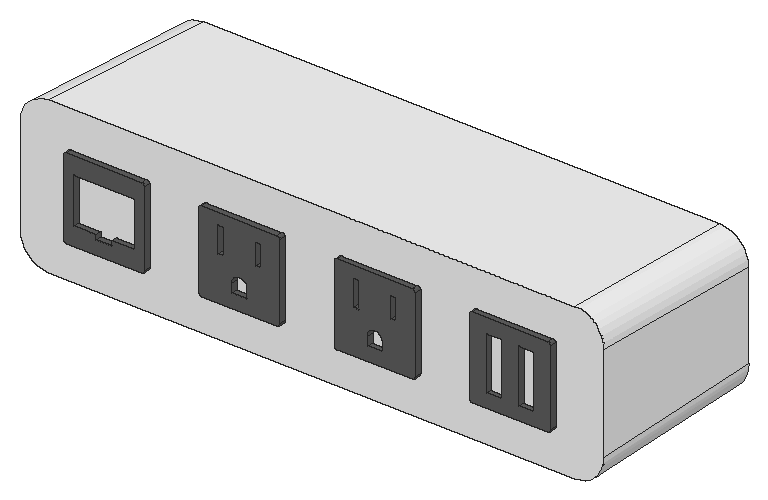
Revit family "Electrical-Teknion-JNEPC_Power_Cube-R2015", category Electrical Fixtures, host Face, Revit 2015
Parameters (values of type "Quad - 2 Power/ 2 USB/1 Data")
  Worksurface Thickness [instance] = 0' - 1 3/16"
  Width [instance] = if([Has Quad - 2 Power/2 USB/1 Data], 0' 7 9/16", 0' 5")  # 0' - 7 9/16"
  Warranty = "http://www.teknion.com/ca/papers/legal-canada"
  Voltage = 120 V
  Unit Weight URL = "http://www.teknion.com/ca/tools/assets#&asset=bee6a381-b954-425e-8283-5a2de3a804f2,f828d448-4b62-4231-9e5f-9a8991c0ed77"
  URL = "www.teknion.com"
  Sustainability Data = "http://www.teknion.com/ca/tools/assets#&topic=216f99a5-57a0-44fc-b10a-9dee9b29ae4c&asset=444deb64-fe58-4b68-981e-f75e97781df7"
  Series = "Expansion Cityline"  # constant formula
  Right Power/USB Charger [instance] = if(or([Has Quad - 2 Power/2 USB/1 Data], Has Power & USB Charger slot), 0' 0 27/32", 0' 0 9/16")  # 0' - 0 27/32"
  Right Power Hole Depth [instance] = if(Has Power & Power slot, 0' 0 27/32", 0' 0 9/16")  # 0' - 0 9/16"
  Right Power Hole - Quad Depth [instance] = if([Has Quad - 2 Power/2 USB/1 Data], 0' 2", 0' 0 9/16")  # 0' - 2"
  Right Offset [instance] = if([Has Quad - 2 Power/2 USB/1 Data], 0' 0 5/8", 0' 0 99/128")  # 0' - 0 5/8"
  Product Page URL = "http://www.teknion.com/ca/products/product-details?productlineid=9ad2a26e-8e7a-673b-a6c8-ff05004460c4"
  Product Line = "Expansion Cityline"  # constant formula
  Product Documentation Link = "http://www.teknion.com/pricing/expansion-cityline/pdfs/JNEPC_ppg.pdf"
  Power Cube - Case and Front Finish [instance] = Mica - Teknion - V - Satin - Very White
  Part Number = "JNEPC"  # constant formula
  Model = "JNEPC"  # constant formula
  Manufacturer Phone = "416-661-3370"  # constant formula
  Manufacturer Fax = "416.661.4586"  # constant formula
  Manufacturer Email = "http://www.teknion.com/ca/contactus"
  Manufacturer Address = "1150 Flint Road, Toronto, ON. M3J 2J5. Canada"  # constant formula
  Manufacturer = "Teknion"  # constant formula
  Left Power Hole Depth [instance] = if(or(Has Power & Power slot, Has Power & USB Charger slot, [Has Quad - 2 Power/2 USB/1 Data]), 0' 0 27/32", 0' 0 9/16")  # 0' - 0 27/32"
  Left Offset [instance] = if([Has Quad - 2 Power/2 USB/1 Data], 0' 0 45/128", 0' 0 173/256")  # 0' - 0 45/128"
  Has Quad - 2 Power/2 USB/1 Data = yes
  Has Power Cube Below Worksurface = if(Has Power Cube Above Worksurface, 1 > 2, 1 < 2)  # no
  Has Power Cube Above Worksurface = yes
  Has Power & USB Charger slot = no
  Has Power & Power slot = no
  Description = "Power Cube"  # constant formula
  Default Elevation = 4' - 0"
  Data Hole Depth [instance] = if([Has Quad - 2 Power/2 USB/1 Data], 0' 2", 0' 0 9/16")  # 0' - 2"
  Connector Descriptor = "Power Connector"  # constant formula
  Apparent Load = 0 VA
Types (3): name | Width | Right Power/USB Charger | Right Power Hole Depth | Right Power Hole - Quad Depth | Right Offset | Left Offset | Has Quad - 2 Power/2 USB/1 Data | Has Power & USB Charger slot | Has Power & Power slot | Data Hole Depth
  Dual - Power Only | 0' - 5" | 0' - 0 9/16" | 0' - 0 27/32" | 0' - 0 9/16" | 0' - 0 99/128" | 0' - 0 173/256" | no | no | yes | 0' - 0 9/16"
  Dual - 1 Power / 2 USB / 0 Data | 0' - 5" | 0' - 0 27/32" | 0' - 0 9/16" | 0' - 0 9/16" | 0' - 0 99/128" | 0' - 0 173/256" | no | yes | no | 0' - 0 9/16"
  Quad - 2 Power/ 2 USB/1 Data | 0' - 7 9/16" | 0' - 0 27/32" | 0' - 0 9/16" | 0' - 2" | 0' - 0 5/8" | 0' - 0 45/128" | yes | no | no | 0' - 2"
Reference planes (in)
  plane 1 "Center (Front/Back)": y = 0
  plane 2: z = 0
  plane 3 "Center (Left/Right)": x = 0
  plane 4 "B/O Worksurface": z = -1.1875
  plane 5: z = -4.41978
  plane 6: z = 2
  plane 7: y = -1.17126
  plane 8: y = 1.25
  plane 9: y = 2.5
  plane 10: y = -1.25
  plane 11: x = -3.78125
  plane 12: x = 3.78125
  plane 13 "Power Hole Depth (Above Worksurface)": y = -2
  plane 14: y = -0.75
  plane 15: z = -2.41978
  plane 16: z = -1.2938
  plane 17: y = 0.07874
  plane 18: x = -0.35156
  plane 19: x = 3.15625
Forms (in)
  Blend 1, solid, material "Mica - Teknion - V - Satin - Very White" <- "Power Cube - Case and Front Finish", visible <- "Has Power Cube Above Worksurface"
    base sketch origin (2.5, -1.17126, 48) x (1, 0, 0) y (0, 0, 1)
      loop
        line (1.28125, -47.62598) -> (1.28125, -46.37363)
        arc (1.28125, -46.37363) -> (1.17182, -46.10943) -> (0.90762, -46) r 0.37363
        line (0.90762, -46) -> (-5.90762, -46)
        arc (-5.90762, -46) -> (-6.17182, -46.10943) -> (-6.28125, -46.37363) r 0.37363
        line (-6.28125, -46.37363) -> (-6.28125, -47.62586)
        arc (-6.28125, -47.62586) -> (-6.17167, -47.89042) -> (-5.90711, -48) r 0.37414
        line (-5.90711, -48) -> (0.90723, -48)
        arc (0.90723, -48) -> (1.1717, -47.89045) -> (1.28125, -47.62598) r 0.37402
    top sketch origin (2.43454, 1.25, 48) x (1, 0, 0) y (0, 0, 1)
      loop
        line (-5.84177, -48) -> (0.9727, -48)
        arc (0.9727, -48) -> (1.19416, -47.86842) -> (1.28125, -47.62598) r 0.38096
        line (1.28125, -47.62598) -> (1.28125, -46.50504)
        arc (1.28125, -46.50504) -> (1.1717, -46.24057) -> (0.90723, -46.13102) r 0.37402
        line (0.90723, -46.13102) -> (-5.77669, -46.13102)
        arc (-5.77669, -46.13102) -> (-6.04089, -46.24045) -> (-6.15032, -46.50465) r 0.37363
        line (-6.15032, -46.50465) -> (-6.15032, -47.62598)
        arc (-6.15032, -47.62598) -> (-6.06323, -47.86842) -> (-5.84177, -48) r 0.38096
    from 0 to 0
  Extrusion 2, solid, material "Plastic - Teknion - 52 - Ebony", visible <- "Has Power Cube Above Worksurface"
    sketch origin (2.47046, -1.17126, 48) x (1, 0, 0) y (0, 0, 1)
      loop
        line (-2.86139, -46.4748) -> (-3.83304, -46.4748)
        arc (-3.83304, -46.4748) -> (-3.86088, -46.48633) -> (-3.87241, -46.51417) r 0.03937
        line (-3.87241, -46.51417) -> (-3.87241, -47.48583)
        arc (-3.87241, -47.48583) -> (-3.86088, -47.51367) -> (-3.83304, -47.5252) r 0.03937
        line (-3.83304, -47.5252) -> (-2.86139, -47.5252)
        arc (-2.86139, -47.5252) -> (-2.83355, -47.51367) -> (-2.82202, -47.48583) r 0.03937
        line (-2.82202, -47.48583) -> (-2.82202, -46.51417)
        arc (-2.82202, -46.51417) -> (-2.83355, -46.48633) -> (-2.86139, -46.4748) r 0.03937
    from 0 to 0.07874
  Extrusion 3, solid, material "Plastic - Teknion - 52 - Ebony", visible <- "Has Power Cube Above Worksurface"
    sketch origin (2.52954, -1.17126, 48) x (1, 0, 0) y (0, 0, 1)
      loop
        line (0.58734, -46.4748) -> (-0.38432, -46.4748)
        arc (-0.38432, -46.4748) -> (-0.41216, -46.48633) -> (-0.42369, -46.51417) r 0.03937
        line (-0.42369, -46.51417) -> (-0.42369, -47.48583)
        arc (-0.42369, -47.48583) -> (-0.41216, -47.51367) -> (-0.38432, -47.5252) r 0.03937
        line (-0.38432, -47.5252) -> (0.58734, -47.5252)
        arc (0.58734, -47.5252) -> (0.61518, -47.51367) -> (0.62671, -47.48583) r 0.03937
        line (0.62671, -47.48583) -> (0.62671, -46.51417)
        arc (0.62671, -46.51417) -> (0.61518, -46.48633) -> (0.58734, -46.4748) r 0.03937
    from 0 to 0.07874
  Extrusion 4, void
    sketch origin (4.07571, -1.25, 48) x (-1, 0, 0) y (0, 0, 1)
      loop
        line (5.22849, -46.62047) -> (5.15763, -46.62047) -> (5.15763, -46.95906) -> (5.22849, -46.95906) -> (5.22849, -46.62047)
      loop
        line (4.74818, -46.65197) -> (4.67731, -46.65197) -> (4.67731, -46.92756) -> (4.74818, -46.92756) -> (4.74818, -46.65197)
      loop
        line (5.04936, -47.34409) -> (5.04936, -47.22795)
        arc (5.04936, -47.22795) -> (4.9529, -47.1315) -> (4.85645, -47.22795) r 0.09646
        line (4.85645, -47.22795) -> (4.85645, -47.34409) -> (5.04936, -47.34409)
    from -0.75 to 0.09375
  Extrusion 5, void
    sketch origin (-2.47046, -1.25, 48) x (1, 0, 0) y (0, 0, -1)
      loop
        line (5.37719, 46.62047) -> (5.37719, 46.95906) -> (5.30633, 46.95906) -> (5.30633, 46.62047) -> (5.37719, 46.62047)
      loop
        line (4.89688, 46.65197) -> (4.89688, 46.92756) -> (4.82601, 46.92756) -> (4.82601, 46.65197) -> (4.89688, 46.65197)
      loop
        line (5.19806, 47.34409) -> (5.00515, 47.34409) -> (5.00515, 47.22795)
        arc (5.00515, 47.22795) -> (5.1016, 47.1315) -> (5.19806, 47.22795) r 0.09646
        line (5.19806, 47.22795) -> (5.19806, 47.34409)
    from -0.75 to -0.1875
  Extrusion 6, void
    sketch origin (-1.4177, -2, 48) x (1, 0, 0) y (0, 0, 1)
      loop
        line (3.73909, -47.35443) -> (3.93609, -47.35443) -> (3.93609, -46.65948) -> (3.73909, -46.65948) -> (3.73909, -47.35443)
      loop
        line (4.16109, -47.35443) -> (4.35809, -47.35443) -> (4.35809, -46.65948) -> (4.16109, -46.65948) -> (4.16109, -47.35443)
    from 0 to -0.84375
  Extrusion 7, solid, material "Plastic - Teknion - 52 - Ebony", visible <- "Has Quad - 2 Power/2 USB/1 Data"
    sketch origin (4.22441, -1.17126, 47.99887) x (1, 0, 0) y (0, 0, 1)
      loop
        line (-2.86139, -46.4748) -> (-3.83304, -46.4748)
        arc (-3.83304, -46.4748) -> (-3.86088, -46.48633) -> (-3.87241, -46.51417) r 0.03937
        line (-3.87241, -46.51417) -> (-3.87241, -47.48583)
        arc (-3.87241, -47.48583) -> (-3.86088, -47.51367) -> (-3.83304, -47.5252) r 0.03937
        line (-3.83304, -47.5252) -> (-2.86139, -47.5252)
        arc (-2.86139, -47.5252) -> (-2.83355, -47.51367) -> (-2.82202, -47.48583) r 0.03937
        line (-2.82202, -47.48583) -> (-2.82202, -46.51417)
        arc (-2.82202, -46.51417) -> (-2.83355, -46.48633) -> (-2.86139, -46.4748) r 0.03937
    from 0 to 0.07874
  Extrusion 8, void
    sketch origin (5.82966, -1.25, 47.99887) x (-1, 0, 0) y (0, 0, 1)
      loop
        line (5.22849, -46.62047) -> (5.15763, -46.62047) -> (5.15763, -46.95906) -> (5.22849, -46.95906) -> (5.22849, -46.62047)
      loop
        line (4.74818, -46.65197) -> (4.67731, -46.65197) -> (4.67731, -46.92756) -> (4.74818, -46.92756) -> (4.74818, -46.65197)
      loop
        line (5.04936, -47.34409) -> (5.04936, -47.22795)
        arc (5.04936, -47.22795) -> (4.9529, -47.1315) -> (4.85645, -47.22795) r 0.09646
        line (4.85645, -47.22795) -> (4.85645, -47.34409) -> (5.04936, -47.34409)
    from -0.75 to 1.25
  Extrusion 9, solid, material "Plastic - Teknion - 52 - Ebony", visible <- "Has Quad - 2 Power/2 USB/1 Data"
    sketch origin (0.716, -1.17126, 47.99887) x (1, 0, 0) y (0, 0, 1)
      loop
        line (-2.86139, -46.4748) -> (-3.83304, -46.4748)
        arc (-3.83304, -46.4748) -> (-3.86088, -46.48633) -> (-3.87241, -46.51417) r 0.03937
        line (-3.87241, -46.51417) -> (-3.87241, -47.48583)
        arc (-3.87241, -47.48583) -> (-3.86088, -47.51367) -> (-3.83304, -47.5252) r 0.03937
        line (-3.83304, -47.5252) -> (-2.86139, -47.5252)
        arc (-2.86139, -47.5252) -> (-2.83355, -47.51367) -> (-2.82202, -47.48583) r 0.03937
        line (-2.82202, -47.48583) -> (-2.82202, -46.51417)
        arc (-2.82202, -46.51417) -> (-2.83355, -46.48633) -> (-2.86139, -46.4748) r 0.03937
    from 0 to 0.07874
  Extrusion 10, void
    sketch origin (-3.58522, -0.75, 48) x (1, 0, 0) y (0, 0, 1)
      loop
        line (0.5605, -46.69873) -> (0.5605, -47.28892) -> (0.85045, -47.28892) -> (0.85045, -47.34385) -> (1.05755, -47.34385) -> (1.05755, -47.28892) -> (1.3475, -47.28892) -> (1.3475, -46.69873) -> (0.5605, -46.69873)
    from -0.75 to 1.25
Cuts and joins
  Extrusion 4, Extrusion 8 cuts Extrusion 2
  Extrusion 5, Extrusion 6 cuts Extrusion 3
  Extrusion 10 cuts Extrusion 9
  Extrusion 8 cuts Extrusion 7
Lines and regions (in)
  symbolic lines, visible <- "Has Power Cube Below Worksurface"
    curve 1: line (-3.27534, 2.5, -1.1875) -> (-3.40723, 2.5, -1.1875)
  symbolic lines, visible <- "Has Power Cube Below Worksurface", detail levels medium+fine
    curve 2: line (-3.77912, 0.15748, -1.1875) -> (-3.78125, 0.07874, -1.1875)
    curve 3: line (3.78125, 0.07874, -1.1875) -> (3.77912, 0.15748, -1.1875)
  symbolic lines, visible <- "Has Power Cube Above Worksurface"
    curve 4: line (-3.71579, 1.25, -1.1875) -> (3.71579, 1.25, -1.1875)
    curve 5: line (3.78125, -1.17126, -1.1875) -> (3.71579, 1.25, -1.1875)
    curve 6: line (3.78125, -1.17126, -1.1875) -> (-3.78125, -1.17126, -1.1875)
    curve 7: line (-3.78125, -1.17126, -1.1875) -> (-3.71579, 1.25, -1.1875)
  symbolic lines, detail levels medium+fine
    curve 8: line (-3.40711, -1.17126, -1.1875) -> (-3.40723, 1.25, -1.1875)
    curve 9: line (3.40723, 1.25, -1.1875) -> (3.40723, -1.17126, -1.1875)
Dimensions and locks (in)
  locked: plane 6 to plane 2 at 2
  locked: plane 7 to plane 1 "Center (Front/Back)" at 1.17126
  locked: plane 1 "Center (Front/Back)" to plane 8 at 1.25
  locked: plane 1 "Center (Front/Back)" to plane 9 at 2.5
  Extrusion 2 sketch curve to Extrusion 2 sketch curve to Extrusion 2 sketch curve to Extrusion 2 sketch curve to Extrusion 2 sketch curve to Extrusion 2 sketch curve = 0' - 0.03937" locked, 0' - 0" locked, 0' - 0.97165" locked, 0' - 0" locked, 0' - 0.03937" locked
  locked: plane 10 to plane 13 "Power Hole Depth (Above Worksurface)" at 0.75
  "Left Power Hole Depth": Extrusion 4 to plane 13 "Power Hole Depth (Above Worksurface)"
  "Right Power Hole Depth": Extrusion 5 to plane 13 "Power Hole Depth (Above Worksurface)"
  Blend 1 sketch curve to Blend 1 sketch curve to Blend 1 sketch curve to Blend 1 sketch curve to plane 6 = 0' - 0" locked, 0' - 1.12095" locked, 0' - 0.00038" locked, 0' - 0.50465" locked
  plane 6 to Blend 1 sketch curve to Blend 1 sketch curve to Blend 1 sketch curve to Blend 1 sketch curve = 0' - 0.37363" locked, 0' - 0" locked, 0' - 1.25222" locked, 0' - 0.00013" locked
  Extrusion 4 sketch curve to Extrusion 4 sketch curve to Extrusion 4 sketch curve to Extrusion 4 sketch curve to Extrusion 4 sketch curve to Extrusion 4 sketch curve to plane 2 = 0' - 0.0315" locked, 0' - 0.27559" locked, 0' - 0.0315" locked, 0' - 0.2689" locked, 0' - 0.11614" locked, 0' - 0.65591" locked
  Extrusion 4 sketch curve to Extrusion 4 sketch curve to Extrusion 4 sketch curve to Extrusion 4 sketch curve to Extrusion 4 sketch curve to Extrusion 4 sketch curve to Extrusion 4 sketch curve to plane 18 = 0' - 0.07087" locked, 0' - 0.10827" locked, 0' - 0.09646" locked, 0' - 0.09646" locked, 0' - 0.10827" locked, 0' - 0.07087" locked, 0' - 0.25004" locked
  plane 19 to Extrusion 6 sketch curve to Extrusion 6 sketch curve to Extrusion 6 sketch curve to Extrusion 6 sketch curve = 0' - 0.21587" locked, 0' - 0.197" locked, 0' - 0.225" locked, 0' - 0.197" locked
  plane 6 to Extrusion 6 sketch curve to Extrusion 6 sketch curve to Extrusion 6 sketch curve to Extrusion 6 sketch curve = 0' - 0.65948" locked, 0' - 0" locked, 0' - 0.69494" locked, 0' - 0" locked
  "Right Power/USB Charger": Extrusion 6 to plane 13 "Power Hole Depth (Above Worksurface)"
  plane 14 to plane 1 "Center (Front/Back)" = 0' - 0 3/4"
  locked: plane 1 "Center (Front/Back)" to plane 17 at 0.07874
  plane 4 "B/O Worksurface" to plane 16 to plane 15 to plane 5 = 0' - 0.1063" locked, 0' - 1.12598" locked, 0' - 2" locked
  "Worksurface Thickness": plane 2 to plane 4 "B/O Worksurface"
  plane 11 to Blend 1 sketch curve to Blend 1 sketch curve to Blend 1 sketch curve = 0' - 0.06546" locked, 0' - 0.37363" locked, 0' - 0.00733" locked
  plane 12 to Blend 1 sketch curve to Blend 1 sketch curve to Blend 1 sketch curve = 0' - 0.06546" locked, 0' - 0.37402" locked, 0' - 0.00694" locked
  plane 12 to Blend 1 sketch curve to Blend 1 sketch curve = 0' - 0.37363" locked, 0' - 0.00038" locked
  plane 11 to Blend 1 sketch curve to Blend 1 sketch curve = 0' - 0.37363" locked, 0' - 0.00051" locked
  equal spacing: plane 11, plane 3 "Center (Left/Right)", plane 12
  "Width": plane 11 to plane 12
  Extrusion 3 sketch curve to Extrusion 3 sketch curve to Extrusion 3 sketch curve to Extrusion 3 sketch curve to Extrusion 3 sketch curve to Extrusion 3 sketch curve = 0' - 0.03937" locked, 0' - 0" locked, 0' - 0.97165" locked, 0' - 0" locked, 0' - 0.03937" locked
  plane 6 to Extrusion 3 sketch curve to Extrusion 3 sketch curve = 0' - 0.4748" locked, 0' - 1.05039" locked
  "Left Offset": plane 3 "Center (Left/Right)" to plane 18
  Extrusion 5 sketch curve to Extrusion 5 sketch curve to Extrusion 5 sketch curve to Extrusion 5 sketch curve to Extrusion 5 sketch curve to Extrusion 5 sketch curve to Extrusion 5 sketch curve to plane 19 = 0' - 0.07087" locked, 0' - 0.10827" locked, 0' - 0.09646" locked, 0' - 0.09646" locked, 0' - 0.10827" locked, 0' - 0.07087" locked, 0' - 0.24951" locked
  plane 6 to Extrusion 5 sketch curve to Extrusion 5 sketch curve to Extrusion 5 sketch curve to Extrusion 5 sketch curve to Extrusion 5 sketch curve to Extrusion 5 sketch curve = 0' - 0.62047" locked, 0' - 0.0315" locked, 0' - 0.27559" locked, 0' - 0.0315" locked, 0' - 0.2689" locked, 0' - 0.11614" locked
  "Right Offset": plane 19 to plane 12
  Extrusion 7 sketch curve to Extrusion 7 sketch curve to Extrusion 7 sketch curve to Extrusion 7 sketch curve to Extrusion 7 sketch curve to Extrusion 7 sketch curve = 0' - 0.03937" locked, 0' - 0" locked, 0' - 0.97165" locked, 0' - 0" locked, 0' - 0.03937" locked
  Extrusion 8 sketch curve to Extrusion 8 sketch curve to Extrusion 8 sketch curve to Extrusion 8 sketch curve to Extrusion 8 sketch curve to Extrusion 8 sketch curve = 0' - 0.0315" locked, 0' - 0.27559" locked, 0' - 0.0315" locked, 0' - 0.2689" locked, 0' - 0.11614" locked
  Extrusion 8 sketch curve to Extrusion 8 sketch curve to Extrusion 8 sketch curve to Extrusion 8 sketch curve to Extrusion 8 sketch curve to Extrusion 8 sketch curve to Extrusion 8 sketch curve = 0' - 0.07087" locked, 0' - 0.10827" locked, 0' - 0.09646" locked, 0' - 0.09646" locked, 0' - 0.10827" locked, 0' - 0.07087" locked
  plane 11 to Extrusion 9 sketch curve to Extrusion 9 sketch curve to Extrusion 9 sketch curve to Extrusion 9 sketch curve to Extrusion 9 sketch curve to Extrusion 9 sketch curve = 0' - 0.62483" locked, 0' - 0.03937" locked, 0' - 0" locked, 0' - 0.97165" locked, 0' - 0" locked, 0' - 0.03937" locked
  plane 6 to Extrusion 9 sketch curve to Extrusion 9 sketch curve to Extrusion 9 sketch curve to Extrusion 9 sketch curve to Extrusion 9 sketch curve to Extrusion 9 sketch curve = 0' - 0.47594" locked, 0' - 0.03937" locked, 0' - 0" locked, 0' - 0.97165" locked, 0' - 0" locked, 0' - 0.03937" locked
  plane 11 to Extrusion 10 sketch curve to Extrusion 10 sketch curve to Extrusion 10 sketch curve to Extrusion 10 sketch curve = 0' - 0.75653" locked, 0' - 0.28995" locked, 0' - 0.2071" locked, 0' - 0.28995" locked
  plane 6 to Extrusion 10 sketch curve to Extrusion 10 sketch curve to Extrusion 10 sketch curve to Extrusion 10 sketch curve = 0' - 0.69873" locked, 0' - 0.59019" locked, 0' - 0" locked, 0' - 0.05492" locked
  "Data Hole Depth": Extrusion 10 to plane 13 "Power Hole Depth (Above Worksurface)"
  "Right Power Hole - Quad Depth": Extrusion 8 to plane 13 "Power Hole Depth (Above Worksurface)"
  aligned and locked: plane 2 to host face
  aligned and locked: level to host face
  aligned and locked: plane 6 to Blend 1 sketch curve
  aligned and locked: plane 2 to Blend 1 sketch curve
  aligned and locked: Blend 1 to plane 8
  aligned and locked: plane 7 to Blend 1
  aligned and locked: plane 10 to Extrusion 3
  aligned and locked: plane 10 to Extrusion 2
  aligned and locked: plane 13 "Power Hole Depth (Above Worksurface)" to Extrusion 5
  aligned and locked: Extrusion 6 to plane 13 "Power Hole Depth (Above Worksurface)"  (x3)
  aligned and locked: Extrusion 4 to plane 13 "Power Hole Depth (Above Worksurface)"
  aligned and locked: curve 5 to Blend 1
  aligned and locked: curve 6 to Blend 1
  aligned and locked: curve 7 to Blend 1
  aligned and locked: plane 8 to curve 4
  aligned and locked: plane 11 to Blend 1 sketch curve
  aligned and locked: plane 18 to Extrusion 2 sketch curve
  aligned and locked: Extrusion 3 sketch curve to plane 19
  aligned and locked: Extrusion 10 to plane 13 "Power Hole Depth (Above Worksurface)"
  aligned and locked: curve 8 to Blend 1
  aligned and locked: curve 9 to Blend 1
Automatic sketch dimensions
  host sketch curve to host sketch curve = 8' - 0"  (x2)
  Blend 1 sketch curve to level = 0' - 0"
  level to Extrusion 2 sketch curve = 0' - 0.4748"
  Extrusion 2 sketch curve to plane 6 = 0' - 0.51417"
  plane 3 "Center (Left/Right)" to Extrusion 7 sketch curve = 0' - 0.352"
  level to Extrusion 7 sketch curve = 0' - 0.47367"
  Extrusion 7 sketch curve to plane 6 = 0' - 0.51531"
  plane 3 "Center (Left/Right)" to Extrusion 8 sketch curve = 0' - 1 39/256"
  level to Extrusion 8 sketch curve = 0' - 0.65477"
  curve 2 to plane 11 = 0' - 0"
  plane 17 to curve 2 = 0' - 0"
  curve 3 to plane 12 = 0' - 0"
  plane 17 to curve 3 = 0' - 0"
  plane 9 to curve 1 = 0' - 0"
  curve 2 to plane 11 = 0' - 0.00213"
  curve 2 to plane 17 = 0' - 0.07874"
  curve 3 to plane 12 = 0' - 0.00213"
  curve 3 to plane 17 = 0' - 0.07874"
  curve 1 to plane 11 = 0' - 0.50591"
  curve 1 to curve 1 = 0' - 0.13189"
Connectors (in)
  electrical at (0.00003, 0.03937, 0), driven by "Voltage", driven by "Apparent Load", driven by "Connector Descriptor"
    settings: on Blend 1, index 1, voltage 120 V, apparent load 0 VA, apparent load phase1 0 VA, apparent load phase2 0 VA, apparent load phase3 0 VA, power factor 1, load classification "Other", number of poles 1, system type 31, power factor state 1, is connector primary yes, connector utility no, sub classification motor no, connector description "Power Connector"
